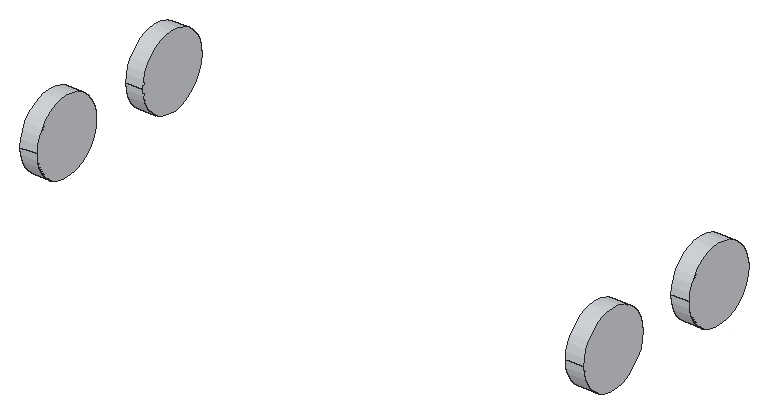
Revit family "TOTUS2MINI", category Mechanical Equipment, Revit 2013
Parameters
  Width (including suspension bracket) = "970mm"
  Width (excluding suspension bracket) = "900mm"
  Weight = "145kg"
  Warranty period = "Unit 2 Years,Motor 5 Years"
  Spigot Diameter = "250mm"
  Product Description = "Demand Energy Recovery Ventilation"
  Part Number = "TOTUS2MINI"
  Operational and Maintenance Manual = "http://www.vent-axia.com/files/pdf-downloads/445924%20D.pdf"
  Operating Temperature = "(-10C to +40C)"
  Operating Humidity = "0% to 95% RH (non-condensing) – weatherproof unit option"
  Motor Rating = "325W max"
  Manufacturer - Website = "www.vent-axia.com"
  Manufacturer - Name = "Vent-Axia Ltd"
  Manufacturer - Email = "sales@vent-axia.com"
  Manufacturer - Contact Phone = "0844 856 0590"
  Manufacturer - Address = "Fleming Way, Crawley, West Sussex RH10 9YX"
  Length (including Spigots) = "1910mm"
  Length (excluding Spigots) = "1800mm"
  IP Rating - Unit = "IPX4"
  IP Rating - Commissioning Interface = "IP42"
  Height (excluding Spigots) = "350mm"
  Filters = "445868"
  Country of Manufacture = "UK"
  Condensate = "10mm"
  Category = "Sentinel Totus 2"
  AC Voltage Input = "220-240 V AC (single phase)"
  AC Frequency Input = "50Hz nominal"
Reference planes
  plane 1 "Center (Front/Back)": y = 0
  plane 2: z = 0
  plane 3 "Center (Left/Right)": x = 0
  plane 4: x = 177.048
  plane 5: x = -180.723
  plane 6 "1 DUCT": x = -955
  plane 7: x = 957.5
  plane 8: y = 450
  plane 9: y = -450
  plane 10: y = 345.625
  plane 11: y = 100
  plane 12: y = 222.625
  plane 13: y = -101.967
  plane 14: y = -347.592
  plane 15: y = -224.967
Forms (mm)
  Extrusion 1, solid
    sketch origin (-955, 30.482, 346.464) x (0, -1, 0) y (0, 0, -1)
      loop
        circle (222.625, 173.355) r 125
      loop
        circle (-224.967, 173.109) r 125
    from 0 to 57.9
  Extrusion 2, solid
    sketch origin (955, 30.482, 348.964) x (0, -1, 0) y (0, 0, 1)
      loop
        circle (222.625, -170.855) r 125
      loop
        circle (-224.967, -170.609) r 125
    from -3.971 to 57.9
Connectors
  hvac at (958.971, 255.449, 178.355)
    settings: on Extrusion 2, index 1, duct flow 0.0 L/s, flow factor 0, pres drop 0.0 Pa, loss coef 0, conn angle 0.00°, conn width 304.8 mm, conn height 304.8 mm, conn radius 125 mm, duct sys type 2, conn prof type 0, flow config 0, flow direction 1, loss method 0, conn ref index -1, conn util no, is conn primary yes, conn desc ""
  hvac at (958.971, -192.143, 178.109)
    settings: on Extrusion 2, index 2, duct flow 0.0 L/s, flow factor 0, pres drop 0.0 Pa, loss coef 0, conn angle 0.00°, conn width 304.8 mm, conn height 304.8 mm, conn radius 125 mm, duct sys type 1, conn prof type 0, flow config 0, flow direction 2, loss method 0, conn ref index -1, conn util no, is conn primary no, conn desc ""
  hvac at (-955, 255.449, 173.355)
    settings: on Extrusion 1, index 3, duct flow 0.0 L/s, flow factor 0, pres drop 0.0 Pa, loss coef 0, conn angle 0.00°, conn width 304.8 mm, conn height 304.8 mm, conn radius 125 mm, duct sys type 1, conn prof type 0, flow config 0, flow direction 1, loss method 0, conn ref index -1, conn util no, is conn primary no, conn desc ""
  hvac at (-955, -192.143, 173.109)
    settings: on Extrusion 1, index 4, duct flow 0.0 L/s, flow factor 0, pres drop 0.0 Pa, loss coef 0, conn angle 0.00°, conn width 304.8 mm, conn height 304.8 mm, conn radius 125 mm, duct sys type 3, conn prof type 0, flow config 0, flow direction 2, loss method 0, conn ref index -1, conn util no, is conn primary no, conn desc ""
